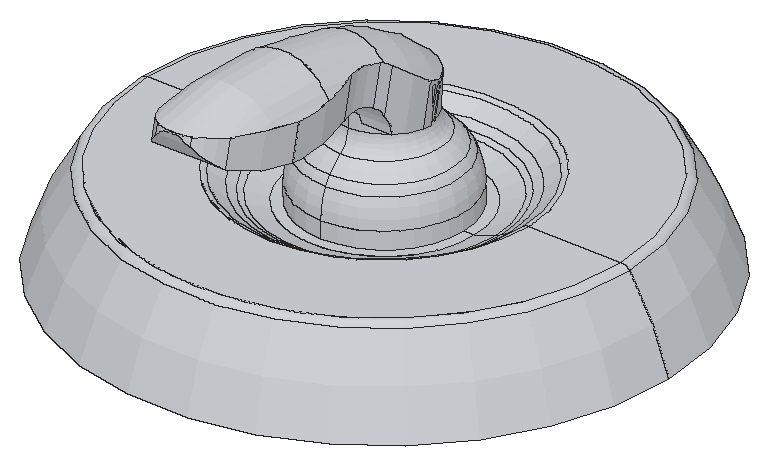
Revit family "Shower-Valve_Trim-KOHLER-Coralais-K-TS15621", category Specialty Equipment, host Face, Revit 2015
Parameters (values of type "CP- Polished Chrome")
  Width = 6 1/2"  # constant formula
  URL = "https://www.us.kohler.com/us/"
  Type = 1
  Product Page URL = "http://www.us.kohler.com/us/catalog/productDetails.jsp?productNumber=TS15621-4"
  Product Name = "Coralais"  # constant formula
  Product Documentation Link = "http://www.us.kohler.com/onlinecatalog/pdf/K-TS15621-4_spec.pdf"
  Model = if(Type = 1, "K-TS15621-4-CP", if(Type = 2, "K-TS15621-4-G", "NA"))  # "K-TS15621-4-CP"
  Material = "Premium Metal Construction"  # constant formula
  MasterFormat 2004 = "10.28.13"  # constant formula
  MasterFormat 1995 = "10820"  # constant formula
  Manufacturer Address = "444 Highland Dr, Kohler, WI 53044"  # constant formula
  Manufacturer = "KOHLER Co."  # constant formula
  Length = 2 7/8"  # constant formula
  Height = 6 1/2"  # constant formula
  Finish = Kohler-Metal-CP-Polished_Chrome
  Environmental Product Declaration = ""
  Description = "Rite-Temp valve trim with lever handle"  # constant formula
  Default Elevation = 42"
  Declare Label = ""
  Date Modified = "03/19/2018"  # constant formula
  Date Created = "03/19/2018"  # constant formula
  Copyright = "Copyright KOHLER Co."  # constant formula
  Contact Us = "https://www.us.kohler.com/us/static/contact.jsp"
  Assembly Code = "C1030200"
  ADA Compliant = yes
Types (2): name | Type | Model | Finish
  CP- Polished Chrome | 1 | "K-TS15621-4-CP" | Kohler-Metal-CP-Polished_Chrome
  G- Brushed Chrome | 2 | "K-TS15621-4-G" | Kohler-Metal-G-Brushed_Chrome
Reference planes (in)
  plane 1 "Center (Front/Back)": y = 0
  plane 2: z = 0
  plane 3 "Center (Left/Right)": x = 0
  plane 4: x = -3.25179
  plane 5: x = 3.24821
  plane 6: y = 3.25171
  plane 7: y = -3.24829
  plane 8: z = 2.875
Dimensions and locks (in)
  "Width": plane 4 to plane 5
  "Length": plane 8 to level
  "Height": plane 7 to plane 6
  aligned and locked: plane 2 to host face
  aligned and locked: level to host face
Automatic sketch dimensions
  host sketch curve to host sketch curve = 96"  (x2)
Nested families (in)
  nested 1: "K-TS15621-4" at (0, 0, 0), type "K-TS15621-4"
Definition of nested family "K-TS15621-4"
  Parameters (values of type "K-TS15621-4")
    Material = none
  Reference planes (in)
    plane 1 "Center (Front/Back)": y = 0
    plane 2: z = 0
    plane 3 "Center (Left/Right)": x = 0
    plane 4 "A": through (0, 0.02398, 1.6578) normal (0, 0.2317, 0.9728)
  Forms (in)
    Revolve 1, solid, material <- "Material"
      sketch origin (0, 0, 0) x (1, 0, 0) y (0, 0, 1)
        loop
          line (-3.2596, 0) -> (0, 0) -> (0, 0.69) -> (-1.03006, 0.69)
          arc (-1.03006, 0.69) -> (-1.14813, 0.72862) -> (-1.26519, 0.77021) r 4.92129
          arc (-1.26519, 0.77021) -> (-1.29898, 0.78436) -> (-1.33146, 0.80131) r 0.43218
          line (-1.33146, 0.80131) -> (-1.42579, 0.85578)
          arc (-1.42579, 0.85578) -> (-1.51058, 0.91009) -> (-1.59, 0.972) r 1.09108
          arc (-1.59, 0.972) -> (-1.61906, 0.99045) -> (-1.65213, 1) r 0.12126
          line (-1.65213, 1) -> (-2.70767, 1)
          arc (-2.70767, 1) -> (-2.76365, 0.98618) -> (-2.80677, 0.94791) r 0.12031
          arc (-2.80677, 0.94791) -> (-3.07052, 0.49179) -> (-3.2596, 0) r 3.3544
        axis (0, 1) -> (0, 0)
      angle from 0 to 360
    Revolve 2, solid, material <- "Material"
      sketch origin (0, 0, 0) x (0, 1, 0) y (0, 0, 1)
        loop
          arc (0.62191, 1.43621) -> (0.54146, 1.53446) -> (0.51063, 1.65764) r 0.29041
          line (0.51063, 1.65764) -> (0.52243, 2.01933) -> (0, 2.01933) -> (0, 0.5625) -> (0.90782, 0.5625) -> (0.90782, 0.87884)
          arc (0.90782, 0.87884) -> (0.88843, 1.03848) -> (0.83571, 1.1904) r 0.75604
          arc (0.83571, 1.1904) -> (0.80858, 1.23987) -> (0.77562, 1.28566) r 0.46174
          arc (0.77562, 1.28566) -> (0.70294, 1.36519) -> (0.62191, 1.43621) r 0.97358
        axis (0, 2.01933) -> (0, 0.5625)
      angle from 0 to 360
    Extrusion 3, void
      sketch origin (0, -0.0228, 0.00543) x (0, 1, 0) y (0, 0, 1)
        loop
          arc (-2.7359, 2.35314) -> (-2.97755, 2.57199) -> (-3.04915, 2.89006) r 0.53988
          line (-3.04915, 2.89006) -> (-3.21094, 2.89006) -> (-3.21094, 1.50335) -> (-0.53284, 1.50335)
          arc (-0.53284, 1.50335) -> (-0.51425, 1.91071) -> (-0.84375, 2.15095) r 0.43064
          arc (-0.84375, 2.15095) -> (-0.97512, 2.16234) -> (-1.10697, 2.16049) r 1.31187
          arc (-1.10697, 2.16049) -> (-1.42327, 2.14483) -> (-1.73989, 2.13858) r 10.64576
          arc (-1.73989, 2.13858) -> (-2.24958, 2.19161) -> (-2.7359, 2.35314) r 2.36595
      from -0.79939 to 0.88615
    Extrusion 4, solid, material <- "Material"
      sketch origin (0, 0.26095, 1.60135) x (0, 0.972786, -0.231704) y (-1, 0, 0)
        loop
          arc (-3.42919, -0.19765) -> (-3.29884, -0.32582) -> (-3.13694, -0.41073) r 0.62434
          arc (-3.13694, -0.41073) -> (-2.74803, -0.51561) -> (-2.34802, -0.56302) r 2.77195
          arc (-2.34802, -0.56302) -> (-1.92, -0.54609) -> (-1.50098, -0.45716) r 2.52903
          arc (-1.50098, -0.45716) -> (-1.26883, -0.41346) -> (-1.03271, -0.42047) r 1.09728
          arc (-1.03271, -0.42047) -> (-0.95441, -0.43421) -> (-0.87731, -0.45358) r 1.09728
          arc (-0.87731, -0.45358) -> (-0.61663, -0.50811) -> (-0.3507, -0.52243) r 1.74882
          spline (-0.3507, -0.52243) -> (-0.21917, -0.50463) -> (-0.09659, -0.45244) -> (0.00866, -0.36941) -> (0.08942, -0.26121) -> (0.14019, -0.13521) -> (0.15751, 0) -> (0.14019, 0.13521) -> (0.08942, 0.26121) -> (0.00866, 0.36941) -> (-0.09659, 0.45244) -> (-0.21917, 0.50463) -> (-0.3507, 0.52243)
          arc (-0.3507, 0.52243) -> (-0.61663, 0.50811) -> (-0.87731, 0.45358) r 1.74882
          arc (-0.87731, 0.45358) -> (-0.95441, 0.43421) -> (-1.03271, 0.42047) r 1.09728
          arc (-1.03271, 0.42047) -> (-1.26883, 0.41346) -> (-1.50098, 0.45716) r 1.09728
          arc (-1.50098, 0.45716) -> (-1.92, 0.54609) -> (-2.34802, 0.56302) r 2.52903
          arc (-2.34802, 0.56302) -> (-2.74803, 0.51561) -> (-3.13694, 0.41073) r 2.77195
          arc (-3.13694, 0.41073) -> (-3.29884, 0.32582) -> (-3.42919, 0.19765) r 0.62434
          arc (-3.42919, 0.19765) -> (-3.49545, 0) -> (-3.42919, -0.19765) r 0.32791
      from -0.03873 to 0.93288
    Sweep 5, void
      path origin (0, 0, 0) x (0, 1, 0) y (0, 0, 1)
        loop
          arc (0.89795, 1.61422) -> (0.28696, 2.24549) -> (-0.49565, 2.64467) r 2.67378
          arc (-0.49565, 2.64467) -> (-0.96363, 2.77103) -> (-1.44071, 2.85683) r 5.65221
          arc (-1.44071, 2.85683) -> (-2.47675, 2.86062) -> (-3.4782, 2.59514) r 3.95389
      profile origin (0, -1.44071, 2.85683) x (0, -0.134637, -0.990895) y (1, 0, 0)
        loop
          arc (0.43992, -0.59777) -> (0.00043, 0.02314) -> (0.48459, 0.60989) r 0.62609
          line (0.48459, 0.60989) -> (-0.58761, 0.60989) -> (-0.58761, -0.59777) -> (0.43992, -0.59777)
  Cuts and joins
    joined: Revolve 1, Revolve 2
    Extrusion 3, Sweep 5 cuts Extrusion 4
  Lines and regions (in)
    Masking region 1
      outline origin (0, 0, 0) x (1, 0, 0) y (0, 1, 0)
        loop
          circle (0, 0) r 3.2596
    Masking region 2
      outline origin (0, 0, 0) x (1, 0, 0) y (0, 0, 1)
        loop
          line (-3.2596, 0) -> (3.2596, 0)
          arc (3.2596, 0) -> (3.0728, 0.48294) -> (2.81655, 0.9329) r 3.48732
          arc (2.81655, 0.9329) -> (2.77162, 0.98188) -> (2.70767, 1) r 0.12189
          line (2.70767, 1) -> (0.89671, 1)
          arc (0.89671, 1) -> (0.878, 1.07145) -> (0.85639, 1.14208) r 1.81149
          arc (0.85639, 1.14208) -> (0.83138, 1.20189) -> (0.79731, 1.25703) r 0.41206
          arc (0.79731, 1.25703) -> (0.74324, 1.3234) -> (0.68264, 1.38388) r 0.83349
          arc (0.68264, 1.38388) -> (0.6515, 1.41056) -> (0.61909, 1.43568) r 0.83349
          arc (0.61909, 1.43568) -> (0.59524, 1.45683) -> (0.57562, 1.48195) r 0.17532
          arc (0.57562, 1.48195) -> (0.54771, 1.5281) -> (0.52243, 1.57575) r 0.96073
          line (0.52243, 1.57575) -> (0.52243, 2.14402) -> (0.56561, 2.14402) -> (0.56561, 2.5321)
          arc (0.56561, 2.5321) -> (0.33699, 2.79724) -> (0, 2.89218) r 0.60749
          arc (0, 2.89218) -> (-0.33699, 2.79724) -> (-0.56561, 2.5321) r 0.60749
          line (-0.56561, 2.5321) -> (-0.56561, 2.14402) -> (-0.52243, 2.14402) -> (-0.52243, 1.57575)
          arc (-0.52243, 1.57575) -> (-0.54771, 1.5281) -> (-0.57562, 1.48195) r 0.96073
          arc (-0.57562, 1.48195) -> (-0.59524, 1.45683) -> (-0.61909, 1.43568) r 0.17532
          arc (-0.61909, 1.43568) -> (-0.6515, 1.41056) -> (-0.68264, 1.38388) r 0.83349
          arc (-0.68264, 1.38388) -> (-0.74324, 1.3234) -> (-0.79731, 1.25703) r 0.83349
          arc (-0.79731, 1.25703) -> (-0.83138, 1.20189) -> (-0.85639, 1.14208) r 0.41206
          arc (-0.85639, 1.14208) -> (-0.878, 1.07145) -> (-0.89671, 1) r 1.81149
          line (-0.89671, 1) -> (-2.70767, 1)
          arc (-2.70767, 1) -> (-2.77162, 0.98188) -> (-2.81655, 0.9329) r 0.12189
          arc (-2.81655, 0.9329) -> (-3.0728, 0.48294) -> (-3.2596, 0) r 3.48732
    Masking region 3
      outline origin (0, 0, 0) x (0, 1, 0) y (0, 0, 1)
        loop
          line (0, 0) -> (3.2596, 0)
          arc (3.2596, 0) -> (3.07531, 0.48626) -> (2.81576, 0.93687) r 3.24729
          arc (2.81576, 0.93687) -> (2.77026, 0.98306) -> (2.70767, 1) r 0.12409
          line (2.70767, 1) -> (0.89417, 1)
          arc (0.89417, 1) -> (0.81798, 1.22686) -> (0.65848, 1.40527) r 0.59432
          arc (0.65848, 1.40527) -> (0.60724, 1.44895) -> (0.56232, 1.49911) r 0.50061
          arc (0.56232, 1.49911) -> (0.52255, 1.57384) -> (0.51063, 1.65764) r 0.24462
          line (0.51063, 1.65764) -> (0.52243, 2.01933) -> (0.52989, 2.05166)
          arc (0.52989, 2.05166) -> (-0.05085, 2.45968) -> (-0.71508, 2.70973) r 2.81923
          arc (-0.71508, 2.70973) -> (-1.11854, 2.79698) -> (-1.52528, 2.86735) r 9.90261
          arc (-1.52528, 2.86735) -> (-1.64333, 2.88155) -> (-1.76202, 2.88847) r 1.93447
          arc (-1.76202, 2.88847) -> (-2.00672, 2.89079) -> (-2.25133, 2.88431) r 6.79732
          arc (-2.25133, 2.88431) -> (-2.66167, 2.83795) -> (-3.06194, 2.73639) r 3.03859
          arc (-3.06194, 2.73639) -> (-2.95507, 2.51155) -> (-2.7587, 2.35857) r 0.53988
          arc (-2.7587, 2.35857) -> (-2.27238, 2.19704) -> (-1.76269, 2.14401) r 2.36595
          arc (-1.76269, 2.14401) -> (-1.44607, 2.15026) -> (-1.12977, 2.16592) r 10.64576
          arc (-1.12977, 2.16592) -> (-0.99792, 2.16777) -> (-0.86655, 2.15638) r 1.31187
          arc (-0.86655, 2.15638) -> (-0.65092, 2.0617) -> (-0.51733, 1.86775) r 0.43064
          line (-0.51733, 1.86775) -> (-0.51063, 1.65764)
          arc (-0.51063, 1.65764) -> (-0.52255, 1.57384) -> (-0.56232, 1.49911) r 0.24462
          arc (-0.56232, 1.49911) -> (-0.60724, 1.44895) -> (-0.65848, 1.40527) r 0.50061
          arc (-0.65848, 1.40527) -> (-0.81798, 1.22686) -> (-0.89417, 1) r 0.59432
          line (-0.89417, 1) -> (-2.70767, 1)
          arc (-2.70767, 1) -> (-2.77026, 0.98306) -> (-2.81576, 0.93687) r 0.12409
          arc (-2.81576, 0.93687) -> (-3.07531, 0.48626) -> (-3.2596, 0) r 3.24729
          line (-3.2596, 0) -> (0, 0)
    symbolic lines, detail levels medium+fine
      curve 1: arc (-1.65213, 0, 0) -> (0.9539, 1.34892, 0) -> (0.5506, -1.55768, 0) r 1.65213
      curve 2: arc (0, 0.90782, 0) -> (-0.88297, 0.21095, 0) -> (-0.41035, -0.80978, 0) r 0.90782
      curve 3: arc (0.41017, -0.80987, 0) -> (0.88299, 0.21085, 0) -> (0, 0.90782, 0) r 0.90782
      curve 4: line (-0.52243, 0.01716, 0) -> (0.52243, 0.01716, 0)
      curve 5: arc (0.4305, -0.93579, 0) -> (0.55569, 0.86732, 0) -> (-1.03006, 0, 0) r 1.03006
      curve 6: arc (-0.55468, -1.55623, 0) -> (-1.35017, -0.95214, 0) -> (-1.65213, 0, 0) r 1.65213
      curve 7: arc (-1.03006, 0, 0) -> (-0.8673, -0.55572, 0) -> (-0.43043, -0.93582, 0) r 1.03006
      curve 8: spline (-0.48159, -0.49478, 0) -> (-0.48881, -0.46147, 0) -> (-0.49534, -0.42803, 0) -> (-0.50118, -0.39446, 0) -> (-0.50633, -0.36079, 0) -> (-0.51078, -0.32702, 0) -> (-0.51454, -0.29317, 0) -> (-0.5176, -0.25926, 0) -> (-0.51997, -0.2253, 0) -> (-0.52163, -0.19129, 0) -> (-0.5226, -0.15726, 0) -> (-0.52286, -0.12322, 0) -> (-0.52243, -0.08918, 0)
      curve 9: spline (-0.42047, -0.68494, 0) -> (-0.42278, -0.67214, 0) -> (-0.42518, -0.65967, 0) -> (-0.42768, -0.64756, 0) -> (-0.43026, -0.63582, 0) -> (-0.43292, -0.62447, 0) -> (-0.43567, -0.61353, 0) -> (-0.43849, -0.603, 0) -> (-0.44138, -0.59291, 0) -> (-0.44434, -0.58326, 0) -> (-0.44736, -0.57406, 0) -> (-0.45045, -0.56534, 0) -> (-0.45359, -0.55709, 0)
      curve 10: spline (-0.45716, -1.04739, 0) -> (-0.44664, -1.00896, 0) -> (-0.43742, -0.97014, 0) -> (-0.42952, -0.93105, 0) -> (-0.42297, -0.89179, 0) -> (-0.41778, -0.85249, 0) -> (-0.41397, -0.81326, 0) -> (-0.41155, -0.77422, 0) -> (-0.41054, -0.73549, 0) -> (-0.41092, -0.69718, 0) -> (-0.41271, -0.6594, 0) -> (-0.4159, -0.62227, 0) -> (-0.42047, -0.5859, 0)
      curve 11: spline (-0.54544, -1.48362, 0) -> (-0.54074, -1.44678, 0) -> (-0.53555, -1.41, 0) -> (-0.52988, -1.3733, 0) -> (-0.52373, -1.33668, 0) -> (-0.51709, -1.30014, 0) -> (-0.50997, -1.2637, 0) -> (-0.50236, -1.22736, 0) -> (-0.49428, -1.19113, 0) -> (-0.48571, -1.15501, 0) -> (-0.47667, -1.11901, 0) -> (-0.46715, -1.08313, 0) -> (-0.45716, -1.04739, 0)
      curve 12: spline (-0.55829, -2.00819, 0) -> (-0.56119, -1.9647, 0) -> (-0.56337, -1.92108, 0) -> (-0.56483, -1.87735, 0) -> (-0.56556, -1.83355, 0) -> (-0.56557, -1.78969, 0) -> (-0.56486, -1.74582, 0) -> (-0.56342, -1.70195, 0) -> (-0.56126, -1.65811, 0) -> (-0.55838, -1.61433, 0) -> (-0.55478, -1.57064, 0) -> (-0.55047, -1.52706, 0) -> (-0.54544, -1.48362, 0)
      curve 13: spline (-0.419, -2.7587, 0) -> (-0.43906, -2.70186, 0) -> (-0.45773, -2.64393, 0) -> (-0.47496, -2.58496, 0) -> (-0.49075, -2.52504, 0) -> (-0.50508, -2.46424, 0) -> (-0.51792, -2.40264, 0) -> (-0.52926, -2.3403, 0) -> (-0.53908, -2.27732, 0) -> (-0.54738, -2.21376, 0) -> (-0.55414, -2.14971, 0) -> (-0.55936, -2.08524, 0) -> (-0.56302, -2.02044, 0)
      curve 14: spline (-0.19677, -3.02194, 0) -> (-0.22075, -3.0099, 0) -> (-0.24401, -2.99581, 0) -> (-0.26646, -2.97972, 0) -> (-0.28803, -2.96169, 0) -> (-0.30864, -2.94178, 0) -> (-0.32822, -2.92006, 0) -> (-0.34669, -2.8966, 0) -> (-0.364, -2.8715, 0) -> (-0.38008, -2.84484, 0) -> (-0.39487, -2.81671, 0) -> (-0.40833, -2.78721, 0) -> (-0.4204, -2.75646, 0)
      curve 15: line (0.1968, -3.02194, 0) -> (-0.19677, -3.02194, 0)
      curve 16: spline (0.40783, -2.71806, 0) -> (0.3971, -2.74492, 0) -> (0.38512, -2.77121, 0) -> (0.37193, -2.7969, 0) -> (0.35756, -2.82191, 0) -> (0.34203, -2.84619, 0) -> (0.32538, -2.8697, 0) -> (0.30765, -2.89238, 0) -> (0.28887, -2.91417, 0) -> (0.26909, -2.93504, 0) -> (0.24835, -2.95492, 0) -> (0.2267, -2.97379, 0) -> (0.20419, -2.9916, 0)
      curve 17: spline (0.56114, -2.05628, 0) -> (0.55679, -2.11794, 0) -> (0.55104, -2.17926, 0) -> (0.54391, -2.24017, 0) -> (0.53539, -2.3006, 0) -> (0.5255, -2.36048, 0) -> (0.51425, -2.41974, 0) -> (0.50165, -2.47833, 0) -> (0.48772, -2.53616, 0) -> (0.47247, -2.59318, 0) -> (0.45592, -2.64931, 0) -> (0.43809, -2.70451, 0) -> (0.419, -2.7587, 0)
      curve 18: spline (0.55004, -1.52415, 0) -> (0.5534, -1.55772, 0) -> (0.55634, -1.59138, 0) -> (0.55888, -1.62509, 0) -> (0.561, -1.65884, 0) -> (0.5627, -1.69264, 0) -> (0.56399, -1.72645, 0) -> (0.56487, -1.76028, 0) -> (0.56533, -1.7941, 0) -> (0.56538, -1.8279, 0) -> (0.56501, -1.86168, 0) -> (0.56422, -1.89542, 0) -> (0.56302, -1.9291, 0)
      curve 19: spline (0.45716, -1.04739, 0) -> (0.46804, -1.08641, 0) -> (0.47835, -1.12558, 0) -> (0.4881, -1.1649, 0) -> (0.49728, -1.20436, 0) -> (0.50589, -1.24396, 0) -> (0.51392, -1.28368, 0) -> (0.52138, -1.32351, 0) -> (0.52827, -1.36346, 0) -> (0.53458, -1.4035, 0) -> (0.54031, -1.44364, 0) -> (0.54546, -1.48385, 0) -> (0.55004, -1.52415, 0)
      curve 20: spline (0.41732, -0.60884, 0) -> (0.41366, -0.64377, 0) -> (0.41127, -0.67932, 0) -> (0.41016, -0.71539, 0) -> (0.41034, -0.75189, 0) -> (0.41179, -0.78871, 0) -> (0.41453, -0.82577, 0) -> (0.41854, -0.86295, 0) -> (0.42381, -0.90017, 0) -> (0.43032, -0.93732, 0) -> (0.43807, -0.97431, 0) -> (0.44702, -1.01103, 0) -> (0.45716, -1.04739, 0)
      curve 21: spline (0.45513, -0.44084, 0) -> (0.45238, -0.4491, 0) -> (0.4497, -0.45746, 0) -> (0.4471, -0.46593, 0) -> (0.44458, -0.4745, 0) -> (0.44214, -0.48317, 0) -> (0.43977, -0.49194, 0) -> (0.43748, -0.5008, 0) -> (0.43527, -0.50976, 0) -> (0.43314, -0.51881, 0) -> (0.43109, -0.52795, 0) -> (0.42912, -0.53717, 0) -> (0.42724, -0.54648, 0)
      curve 22: spline (0.52243, 0.01716, 0) -> (0.52282, -0.02242, 0) -> (0.52211, -0.06181, 0) -> (0.5203, -0.10101, 0) -> (0.5174, -0.13997, 0) -> (0.51341, -0.17869, 0) -> (0.50833, -0.21713, 0) -> (0.50216, -0.25528, 0) -> (0.4949, -0.29311, 0) -> (0.48657, -0.33061, 0) -> (0.47716, -0.36774, 0) -> (0.46667, -0.40449, 0) -> (0.45513, -0.44084, 0)
      curve 23: line (-0.52243, -0.08918, 0) -> (-0.52243, 0.01716, 0)
      curve 24: spline (-0.45359, -0.55709, 0) -> (-0.45699, -0.54782, 0) -> (-0.46021, -0.53924, 0) -> (-0.46326, -0.53137, 0) -> (-0.46611, -0.52423, 0) -> (-0.46877, -0.51784, 0) -> (-0.47124, -0.51221, 0) -> (-0.4735, -0.50734, 0) -> (-0.47555, -0.50324, 0) -> (-0.47738, -0.49994, 0) -> (-0.47901, -0.49742, 0) -> (-0.48041, -0.4957, 0) -> (-0.48159, -0.49478, 0)
      curve 25: spline (-0.41035, -0.80978, 0) -> (-0.41058, -0.7987, 0) -> (-0.41092, -0.78772, 0) -> (-0.41137, -0.77684, 0) -> (-0.41194, -0.76607, 0) -> (-0.41262, -0.75542, 0) -> (-0.41341, -0.7449, 0) -> (-0.41432, -0.73452, 0) -> (-0.41533, -0.72428, 0) -> (-0.41645, -0.71419, 0) -> (-0.41768, -0.70427, 0) -> (-0.41902, -0.69452, 0) -> (-0.42047, -0.68494, 0)
      curve 26: spline (0.45358, -0.5571, 0) -> (0.45022, -0.56534, 0) -> (0.44696, -0.57407, 0) -> (0.44379, -0.58327, 0) -> (0.44073, -0.59292, 0) -> (0.43778, -0.60301, 0) -> (0.43494, -0.61354, 0) -> (0.43222, -0.62448, 0) -> (0.42961, -0.63583, 0) -> (0.42713, -0.64756, 0) -> (0.42478, -0.65967, 0) -> (0.42256, -0.67214, 0) -> (0.42047, -0.68494, 0)
      curve 27: spline (0.48159, -0.49479, 0) -> (0.48065, -0.49578, 0) -> (0.47944, -0.49756, 0) -> (0.47798, -0.50013, 0) -> (0.47625, -0.50347, 0) -> (0.47427, -0.50758, 0) -> (0.47203, -0.51246, 0) -> (0.46954, -0.51809, 0) -> (0.46681, -0.52446, 0) -> (0.46385, -0.53156, 0) -> (0.46065, -0.53938, 0) -> (0.45723, -0.5479, 0) -> (0.45358, -0.5571, 0)
      curve 28: spline (0.52243, -0.08918, 0) -> (0.52286, -0.12322, 0) -> (0.5226, -0.15726, 0) -> (0.52163, -0.19129, 0) -> (0.51997, -0.2253, 0) -> (0.5176, -0.25926, 0) -> (0.51454, -0.29317, 0) -> (0.51078, -0.32702, 0) -> (0.50633, -0.36079, 0) -> (0.50118, -0.39446, 0) -> (0.49534, -0.42803, 0) -> (0.48881, -0.46147, 0) -> (0.48159, -0.49479, 0)
      curve 29: spline (0.42724, -0.54648, 0) -> (0.42626, -0.55157, 0) -> (0.42531, -0.55669, 0) -> (0.42439, -0.56182, 0) -> (0.42349, -0.56697, 0) -> (0.42263, -0.57214, 0) -> (0.42179, -0.57733, 0) -> (0.42097, -0.58254, 0) -> (0.42019, -0.58776, 0) -> (0.41943, -0.593, 0) -> (0.41871, -0.59827, 0) -> (0.41801, -0.60354, 0) -> (0.41733, -0.60884, 0)
      curve 30: spline (0.42047, -0.68494, 0) -> (0.41897, -0.69453, 0) -> (0.41759, -0.70429, 0) -> (0.41632, -0.71422, 0) -> (0.41517, -0.72432, 0) -> (0.41413, -0.73456, 0) -> (0.41321, -0.74496, 0) -> (0.41241, -0.75548, 0) -> (0.41172, -0.76614, 0) -> (0.41115, -0.77692, 0) -> (0.4107, -0.7878, 0) -> (0.41038, -0.79879, 0) -> (0.41017, -0.80987, 0)
      curve 31: spline (-0.42727, -0.54633, 0) -> (-0.42908, -0.53731, 0) -> (-0.43097, -0.52836, 0) -> (-0.43294, -0.5195, 0) -> (-0.43499, -0.51071, 0) -> (-0.43711, -0.50202, 0) -> (-0.43932, -0.49341, 0) -> (-0.44161, -0.48488, 0) -> (-0.44397, -0.47646, 0) -> (-0.44641, -0.46812, 0) -> (-0.44892, -0.45988, 0) -> (-0.45151, -0.45174, 0) -> (-0.45417, -0.44369, 0)
      curve 32: spline (-0.45417, -0.44369, 0) -> (-0.46579, -0.40727, 0) -> (-0.47635, -0.37042, 0) -> (-0.48584, -0.33315, 0) -> (-0.49426, -0.29549, 0) -> (-0.50159, -0.25746, 0) -> (-0.50784, -0.21908, 0) -> (-0.51301, -0.18039, 0) -> (-0.51708, -0.14139, 0) -> (-0.52006, -0.10211, 0) -> (-0.52195, -0.06258, 0) -> (-0.52274, -0.02281, 0) -> (-0.52243, 0.01716, 0)
      curve 33: spline (-0.42047, -0.5859, 0) -> (-0.42097, -0.58256, 0) -> (-0.42149, -0.57923, 0) -> (-0.42201, -0.57591, 0) -> (-0.42255, -0.57259, 0) -> (-0.4231, -0.56928, 0) -> (-0.42366, -0.56598, 0) -> (-0.42423, -0.56268, 0) -> (-0.42482, -0.5594, 0) -> (-0.42541, -0.55612, 0) -> (-0.42602, -0.55285, 0) -> (-0.42664, -0.54959, 0) -> (-0.42727, -0.54633, 0)
      curve 34: spline (-0.40905, -2.71464, 0) -> (-0.42862, -2.65749, 0) -> (-0.44692, -2.59993, 0) -> (-0.46394, -2.542, 0) -> (-0.47967, -2.48371, 0) -> (-0.49409, -2.4251, 0) -> (-0.50722, -2.3662, 0) -> (-0.51903, -2.30703, 0) -> (-0.52953, -2.24762, 0) -> (-0.5387, -2.188, 0) -> (-0.54654, -2.12821, 0) -> (-0.55306, -2.06826, 0) -> (-0.55824, -2.00819, 0)
      curve 35: spline (-0.20108, -2.99399, 0) -> (-0.22432, -2.97577, 0) -> (-0.24664, -2.95645, 0) -> (-0.26799, -2.9361, 0) -> (-0.28831, -2.91476, 0) -> (-0.30757, -2.89248, 0) -> (-0.32572, -2.8693, 0) -> (-0.3427, -2.84529, 0) -> (-0.3585, -2.82049, 0) -> (-0.37306, -2.79497, 0) -> (-0.38636, -2.76878, 0) -> (-0.39837, -2.74198, 0) -> (-0.40905, -2.71464, 0)
      curve 36: spline (0.20419, -2.9916, 0) -> (0.1745, -3.0122, 0) -> (0.14266, -3.02945, 0) -> (0.10907, -3.04314, 0) -> (0.07414, -3.0531, 0) -> (0.03829, -3.05922, 0) -> (0.00198, -3.06141, 0) -> (-0.03436, -3.05965, 0) -> (-0.07028, -3.05395, 0) -> (-0.10534, -3.0444, 0) -> (-0.13909, -3.03111, 0) -> (-0.17114, -3.01424, 0) -> (-0.20108, -2.99399, 0)
      curve 37: spline (0.42131, -2.75519, 0) -> (0.40867, -2.78616, 0) -> (0.39473, -2.81586, 0) -> (0.37954, -2.84417, 0) -> (0.36315, -2.87099, 0) -> (0.34563, -2.89624, 0) -> (0.32703, -2.91982, 0) -> (0.30742, -2.94164, 0) -> (0.28687, -2.96163, 0) -> (0.26545, -2.97971, 0) -> (0.24325, -2.99583, 0) -> (0.22034, -3.00992, 0) -> (0.1968, -3.02194, 0)
      curve 38: spline (0.56302, -1.9291, 0) -> (0.55912, -1.99619, 0) -> (0.55356, -2.06317, 0) -> (0.54634, -2.12999, 0) -> (0.53746, -2.19662, 0) -> (0.52694, -2.26303, 0) -> (0.51478, -2.32916, 0) -> (0.50099, -2.39498, 0) -> (0.48557, -2.46045, 0) -> (0.46853, -2.52553, 0) -> (0.44989, -2.59019, 0) -> (0.42965, -2.65438, 0) -> (0.40783, -2.71806, 0)
      curve 39: spline (0.56177, -1.76269, 0) -> (0.56299, -1.78719, 0) -> (0.56398, -1.81171, 0) -> (0.56474, -1.83622, 0) -> (0.56526, -1.86074, 0) -> (0.56556, -1.88525, 0) -> (0.56562, -1.90975, 0) -> (0.56546, -1.93424, 0) -> (0.56506, -1.95871, 0) -> (0.56443, -1.98315, 0) -> (0.56357, -2.00756, 0) -> (0.56248, -2.03194, 0) -> (0.56116, -2.05628, 0)
      curve 40: line (-2.70767, 0, 1) -> (2.70767, 0, 1)
      curve 41: spline (-0.19708, 0, 2.72499) -> (-0.22115, 0, 2.72091) -> (-0.24424, 0, 2.71665) -> (-0.26631, 0, 2.71223) -> (-0.2873, 0, 2.70766) -> (-0.30716, 0, 2.70296) -> (-0.32585, 0, 2.69812) -> (-0.34331, 0, 2.69317) -> (-0.3595, 0, 2.68811) -> (-0.37438, 0, 2.68297) -> (-0.38793, 0, 2.67774) -> (-0.4001, 0, 2.67245) -> (-0.41086, 0, 2.6671)
      curve 42: spline (-0.41086, 0, 2.6671) -> (-0.43223, 0, 2.65702) -> (-0.45206, 0, 2.64683) -> (-0.47032, 0, 2.63654) -> (-0.48701, 0, 2.62615) -> (-0.50213, 0, 2.61567) -> (-0.51565, 0, 2.60511) -> (-0.52757, 0, 2.59447) -> (-0.53789, 0, 2.58376) -> (-0.5466, 0, 2.57298) -> (-0.5537, 0, 2.56214) -> (-0.55917, 0, 2.55126) -> (-0.56302, 0, 2.54032)
      curve 43: spline (0.19753, 0, 2.72493) -> (0.16827, 0, 2.72894) -> (0.13707, 0, 2.73228) -> (0.10428, 0, 2.73493) -> (0.07029, 0, 2.73684) -> (0.03549, 0, 2.738) -> (0.00028, 0, 2.73839) -> (-0.03494, 0, 2.73801) -> (-0.06975, 0, 2.73687) -> (-0.10376, 0, 2.73496) -> (-0.13657, 0, 2.73233) -> (-0.1678, 0, 2.72899) -> (-0.19708, 0, 2.72499)
      curve 44: spline (0.41051, 0, 2.66726) -> (0.3996, 0, 2.67122) -> (0.38733, 0, 2.67537) -> (0.37372, 0, 2.6797) -> (0.3588, 0, 2.68421) -> (0.34262, 0, 2.68886) -> (0.32521, 0, 2.69367) -> (0.30662, 0, 2.69861) -> (0.28688, 0, 2.70368) -> (0.26605, 0, 2.70885) -> (0.24418, 0, 2.71413) -> (0.22132, 0, 2.71949) -> (0.19753, 0, 2.72493)
      curve 45: spline (0.56302, 0, 2.54032) -> (0.55917, 0, 2.55121) -> (0.55368, 0, 2.56206) -> (0.54657, 0, 2.57288) -> (0.53785, 0, 2.58364) -> (0.5275, 0, 2.59435) -> (0.51555, 0, 2.605) -> (0.502, 0, 2.61558) -> (0.48685, 0, 2.62608) -> (0.47012, 0, 2.63651) -> (0.45181, 0, 2.64685) -> (0.43194, 0, 2.65711) -> (0.41051, 0, 2.66726)
      curve 46: spline (-0.41435, 0, 2.3644) -> (-0.43635, 0, 2.33668) -> (-0.4567, 0, 2.31068) -> (-0.47539, 0, 2.28642) -> (-0.49238, 0, 2.26396) -> (-0.50765, 0, 2.24331) -> (-0.52117, 0, 2.22451) -> (-0.53294, 0, 2.20759) -> (-0.54292, 0, 2.19257) -> (-0.5511, 0, 2.17947) -> (-0.55748, 0, 2.16832) -> (-0.56204, 0, 2.15913) -> (-0.56478, 0, 2.1519)
      curve 47: spline (-0.19759, 0, 2.61835) -> (-0.22046, 0, 2.59392) -> (-0.24268, 0, 2.56984) -> (-0.26417, 0, 2.54618) -> (-0.28487, 0, 2.52303) -> (-0.3047, 0, 2.50046) -> (-0.3236, 0, 2.47853) -> (-0.34151, 0, 2.45732) -> (-0.35838, 0, 2.43691) -> (-0.37415, 0, 2.41734) -> (-0.38876, 0, 2.3987) -> (-0.40218, 0, 2.38103) -> (-0.41435, 0, 2.3644)
      curve 48: line (0.19762, 0, 2.61835) -> (-0.19759, 0, 2.61835)
      curve 49: spline (0.42293, 0, 2.35359) -> (0.41036, 0, 2.36984) -> (0.39646, 0, 2.38739) -> (0.38128, 0, 2.40617) -> (0.36488, 0, 2.42613) -> (0.34732, 0, 2.44718) -> (0.32865, 0, 2.46924) -> (0.30896, 0, 2.49225) -> (0.2883, 0, 2.51611) -> (0.26676, 0, 2.54075) -> (0.24441, 0, 2.56606) -> (0.22133, 0, 2.59196) -> (0.19762, 0, 2.61835)
      curve 50: spline (0.56302, 0, 2.15684) -> (0.55935, 0, 2.16453) -> (0.55418, 0, 2.17385) -> (0.54754, 0, 2.18479) -> (0.53942, 0, 2.19735) -> (0.52983, 0, 2.2115) -> (0.5188, 0, 2.22723) -> (0.50632, 0, 2.24452) -> (0.49242, 0, 2.26335) -> (0.47711, 0, 2.2837) -> (0.46041, 0, 2.30554) -> (0.44235, 0, 2.32884) -> (0.42293, 0, 2.35359)
      curve 51: spline (-0.56482, 0, 2.15192) -> (-0.56518, 0, 2.15057) -> (-0.56542, 0, 2.14935) -> (-0.56556, 0, 2.14826) -> (-0.56558, 0, 2.14729) -> (-0.56549, 0, 2.14645) -> (-0.56529, 0, 2.14572) -> (-0.56498, 0, 2.14513) -> (-0.56456, 0, 2.14466) -> (-0.56403, 0, 2.14431) -> (-0.56339, 0, 2.14409) -> (-0.56263, 0, 2.14399) -> (-0.56177, 0, 2.14401)
      curve 52: spline (0.56177, 0, 2.14401) -> (0.56285, 0, 2.14401) -> (0.56376, 0, 2.14421) -> (0.56448, 0, 2.1446) -> (0.56503, 0, 2.14518) -> (0.56541, 0, 2.14596) -> (0.5656, 0, 2.14693) -> (0.56561, 0, 2.1481) -> (0.56545, 0, 2.14946) -> (0.56511, 0, 2.15101) -> (0.56459, 0, 2.15276) -> (0.5639, 0, 2.15471) -> (0.56302, 0, 2.15684)
      curve 53: line (-0.52243, 0, 2.14402) -> (0.52243, 0, 2.14402)
      curve 54: line (-0.52234, 0, 1.64402) -> (0.52234, 0, 1.64402)
      curve 55: line (0.48159, 0, 1.74155) -> (0.15599, 0, 1.74155)
      curve 56: spline (-0.48159, 0, 1.74155) -> (-0.48887, 0, 1.73354) -> (-0.49545, 0, 1.7255) -> (-0.50133, 0, 1.71743) -> (-0.50651, 0, 1.70933) -> (-0.51097, 0, 1.70121) -> (-0.51473, 0, 1.69307) -> (-0.51778, 0, 1.68492) -> (-0.52012, 0, 1.67675) -> (-0.52174, 0, 1.66857) -> (-0.52265, 0, 1.66039) -> (-0.52285, 0, 1.6522) -> (-0.52234, 0, 1.64402)
      curve 57: spline (0.52234, 0, 1.64402) -> (0.52285, 0, 1.6522) -> (0.52265, 0, 1.66039) -> (0.52174, 0, 1.66857) -> (0.52012, 0, 1.67675) -> (0.51778, 0, 1.68492) -> (0.51473, 0, 1.69307) -> (0.51097, 0, 1.70121) -> (0.50651, 0, 1.70933) -> (0.50133, 0, 1.71743) -> (0.49545, 0, 1.7255) -> (0.48887, 0, 1.73354) -> (0.48159, 0, 1.74155)
      curve 58: spline (-0.45357, 0, 1.9532) -> (-0.45697, 0, 1.93727) -> (-0.4602, 0, 1.92091) -> (-0.46325, 0, 1.90416) -> (-0.4661, 0, 1.88705) -> (-0.46877, 0, 1.86963) -> (-0.47123, 0, 1.85191) -> (-0.47349, 0, 1.83394) -> (-0.47554, 0, 1.81575) -> (-0.47738, 0, 1.79738) -> (-0.47901, 0, 1.77887) -> (-0.48041, 0, 1.76025) -> (-0.48159, 0, 1.74155)
      curve 59: spline (-0.42047, 0, 2.08711) -> (-0.42278, 0, 2.07816) -> (-0.42518, 0, 2.06876) -> (-0.42768, 0, 2.05893) -> (-0.43026, 0, 2.04868) -> (-0.43292, 0, 2.03802) -> (-0.43566, 0, 2.02696) -> (-0.43848, 0, 2.01553) -> (-0.44137, 0, 2.00373) -> (-0.44433, 0, 1.99158) -> (-0.44735, 0, 1.9791) -> (-0.45043, 0, 1.9663) -> (-0.45357, 0, 1.9532)
      curve 60: spline (-0.41039, 0, 2.14402) -> (-0.41063, 0, 2.14078) -> (-0.41099, 0, 2.13726) -> (-0.41145, 0, 2.13345) -> (-0.41203, 0, 2.12937) -> (-0.41271, 0, 2.12501) -> (-0.4135, 0, 2.12038) -> (-0.4144, 0, 2.11548) -> (-0.4154, 0, 2.11032) -> (-0.41651, 0, 2.10489) -> (-0.41773, 0, 2.09922) -> (-0.41904, 0, 2.09329) -> (-0.42047, 0, 2.08711)
      curve 61: spline (0.42047, 0, 2.08711) -> (0.41899, 0, 2.09328) -> (0.41763, 0, 2.0992) -> (0.41638, 0, 2.10488) -> (0.41524, 0, 2.1103) -> (0.41421, 0, 2.11546) -> (0.41329, 0, 2.12036) -> (0.41249, 0, 2.12499) -> (0.4118, 0, 2.12935) -> (0.41123, 0, 2.13344) -> (0.41077, 0, 2.13725) -> (0.41042, 0, 2.14077) -> (0.4102, 0, 2.14402)
      curve 62: spline (0.45358, 0, 1.95317) -> (0.45022, 0, 1.96621) -> (0.44695, 0, 1.97897) -> (0.44379, 0, 1.99142) -> (0.44073, 0, 2.00354) -> (0.43778, 0, 2.01533) -> (0.43494, 0, 2.02676) -> (0.43222, 0, 2.03782) -> (0.42961, 0, 2.0485) -> (0.42713, 0, 2.05878) -> (0.42478, 0, 2.06865) -> (0.42256, 0, 2.0781) -> (0.42047, 0, 2.08711)
      curve 63: spline (0.48159, 0, 1.74155) -> (0.48065, 0, 1.76025) -> (0.47944, 0, 1.77888) -> (0.47798, 0, 1.7974) -> (0.47625, 0, 1.81577) -> (0.47426, 0, 1.83395) -> (0.47203, 0, 1.85192) -> (0.46954, 0, 1.86963) -> (0.46681, 0, 1.88705) -> (0.46385, 0, 1.90415) -> (0.46065, 0, 1.92089) -> (0.45722, 0, 1.93724) -> (0.45358, 0, 1.95317)
      curve 64: line (-0.1716, 0, 1.74155) -> (-0.48159, 0, 1.74155)
      curve 65: line (0, -2.70767, 1) -> (0, 0, 1)
      curve 66: line (0, 0, 1) -> (0, 2.70767, 1)
      curve 67: spline (0, -2.70991, 2.66716) -> (0, -2.64683, 2.65708) -> (0, -2.58327, 2.64688) -> (0, -2.51925, 2.63658) -> (0, -2.45483, 2.62619) -> (0, -2.39002, 2.61571) -> (0, -2.32488, 2.60514) -> (0, -2.25944, 2.5945) -> (0, -2.19374, 2.58378) -> (0, -2.12782, 2.573) -> (0, -2.06171, 2.56216) -> (0, -1.99546, 2.55126) -> (0, -1.9291, 2.54032)
      curve 68: spline (0, -2.99654, 2.7249) -> (0, -2.97798, 2.72083) -> (0, -2.95828, 2.71658) -> (0, -2.93747, 2.71217) -> (0, -2.91562, 2.70761) -> (0, -2.89277, 2.70292) -> (0, -2.86899, 2.69809) -> (0, -2.84432, 2.69315) -> (0, -2.81883, 2.68811) -> (0, -2.79258, 2.68298) -> (0, -2.76563, 2.67777) -> (0, -2.73805, 2.67249) -> (0, -2.70991, 2.66716)
      curve 69: spline (0, -1.48462, 2.54093) -> (0, -1.44769, 2.54457) -> (0, -1.41083, 2.54823) -> (0, -1.37404, 2.55193) -> (0, -1.33734, 2.55565) -> (0, -1.30072, 2.55941) -> (0, -1.2642, 2.56319) -> (0, -1.22777, 2.567) -> (0, -1.19146, 2.57083) -> (0, -1.15525, 2.57469) -> (0, -1.11917, 2.57858) -> (0, -1.08322, 2.58249) -> (0, -1.04739, 2.58642)
      curve 70: spline (0, -1.04739, 2.58642) -> (0, -1.00896, 2.58865) -> (0, -0.97014, 2.58918) -> (0, -0.93105, 2.588) -> (0, -0.89179, 2.58512) -> (0, -0.85249, 2.58055) -> (0, -0.81326, 2.5743) -> (0, -0.77422, 2.56639) -> (0, -0.73549, 2.55684) -> (0, -0.69718, 2.54569) -> (0, -0.6594, 2.53296) -> (0, -0.62227, 2.51869) -> (0, -0.5859, 2.50293)
      curve 71: spline (0, -0.54572, 2.48371) -> (0, -0.53692, 2.47916) -> (0, -0.52819, 2.47449) -> (0, -0.51953, 2.46972) -> (0, -0.51096, 2.46483) -> (0, -0.50246, 2.45984) -> (0, -0.49405, 2.45474) -> (0, -0.48573, 2.44953) -> (0, -0.47749, 2.44421) -> (0, -0.46934, 2.43879) -> (0, -0.46128, 2.43327) -> (0, -0.45332, 2.42765) -> (0, -0.44544, 2.42193)
      curve 72: spline (0, -0.44544, 2.42193) -> (0, -0.4089, 2.39328) -> (0, -0.37191, 2.36477) -> (0, -0.33451, 2.33642) -> (0, -0.29671, 2.30826) -> (0, -0.25854, 2.28029) -> (0, -0.22002, 2.25253) -> (0, -0.18117, 2.22501) -> (0, -0.14202, 2.19773) -> (0, -0.10259, 2.17071) -> (0, -0.0629, 2.14396) -> (0, -0.02297, 2.11751) -> (0, 0.01716, 2.09138)
      curve 73: spline (0, -1.9291, 2.54032) -> (0, -1.8921, 2.53712) -> (0, -1.85503, 2.53451) -> (0, -1.81792, 2.53249) -> (0, -1.78078, 2.53106) -> (0, -1.74363, 2.53022) -> (0, -1.70648, 2.52998) -> (0, -1.66936, 2.53032) -> (0, -1.63227, 2.53126) -> (0, -1.59523, 2.53279) -> (0, -1.55827, 2.53492) -> (0, -1.5214, 2.53763) -> (0, -1.48462, 2.54093)
      curve 74: line (0, 0.52243, 2.01933) -> (0, 0, 2.01933)
      curve 75: arc (0, 0.01716, 2.09138) -> (0, 0.13627, 2.03709) -> (0, 0.26596, 2.01933) r 0.45057
      curve 76: arc (0, 0.26596, 2.01933) -> (0, 0.39883, 2.02809) -> (0, 0.52989, 2.05166) r 1.18789
      curve 77: spline (0, -0.5859, 2.50293) -> (0, -0.58251, 2.5014) -> (0, -0.57913, 2.49985) -> (0, -0.57575, 2.4983) -> (0, -0.57238, 2.49673) -> (0, -0.56902, 2.49514) -> (0, -0.56567, 2.49355) -> (0, -0.56232, 2.49194) -> (0, -0.55898, 2.49032) -> (0, -0.55566, 2.48868) -> (0, -0.55234, 2.48704) -> (0, -0.54902, 2.48538) -> (0, -0.54572, 2.48371)
      curve 78: spline (0, -0.49479, 1.74155) -> (0, -0.49578, 1.76025) -> (0, -0.49756, 1.77888) -> (0, -0.50013, 1.79739) -> (0, -0.50347, 1.81576) -> (0, -0.50758, 1.83395) -> (0, -0.51246, 1.85191) -> (0, -0.51809, 1.86962) -> (0, -0.52446, 1.88704) -> (0, -0.53156, 1.90414) -> (0, -0.53938, 1.92088) -> (0, -0.5479, 1.93723) -> (0, -0.5571, 1.95315)
      curve 79: line (0, -0.49479, 1.74155) -> (0, 0.07495, 1.60585)
      curve 80: line (0, -0.51063, 1.65764) -> (0, -0.14251, 1.65764)
      curve 81: line (0, -0.08918, 1.64494) -> (0, 0.01716, 2.09138)
      curve 82: line (0, 0.17567, 1.65764) -> (0, 0.51063, 1.65764)
  Dimensions and locks (in)
    aligned and locked: plane 2 to level
